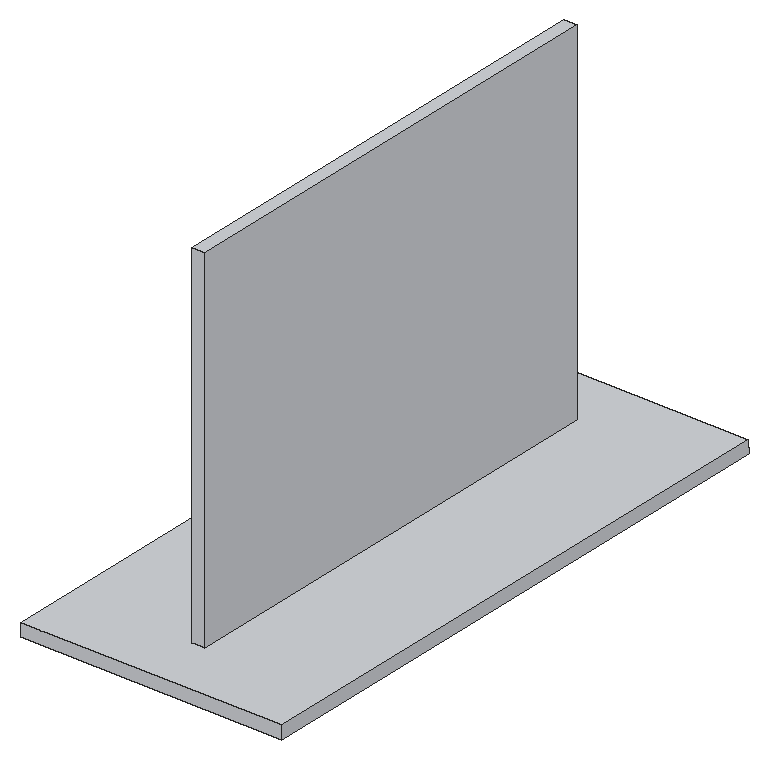
Revit family "060523 - W_P_C - Fastenings - Concealed Joist Ties", category Generic Models, Revit 2018
Family settings
  Can host rebar = No
  Round Connector Dimension = Use Diameter
  Part Type = Normal
  Work Plane-Based = Yes
  Always vertical = No
  Cut with Voids When Loaded = No
  Shared = No
  Room Calculation Point = No
Parameters
  OFFSET FROM SURFACE = 0' - 3"
  Material = none
  H2 = 0' - 4 7/16"
  H1 = 0' - 5 9/16"
  GAUGE = 0' - 0 1/8"
  Default Elevation = 4' - 0"
Reference planes (in)
  plane 1 "Center (Front/Back)": y = 0
  plane 2: z = 0
  plane 3 "Center (Left/Right)": x = 0
  plane 4: x = -1.25
  plane 5: x = 1.25
  plane 6: y = 2.78125
  plane 7: y = -2.78125
  plane 8: x = -0.0625
  plane 9: x = 0.0625
  plane 10: y = 2.21875
  plane 11: y = -2.21875
  plane 12: z = 0.125
  plane 13: z = 3.5
Forms (in)
  Extrusion 1, solid, material <- "Material"
    sketch origin (0, 0, 0) x (1, 0, 0) y (0, 1, 0)
      loop
        line (-1.25, 2.78125) -> (-1.25, -2.78125) -> (1.25, -2.78125) -> (1.25, 2.78125) -> (-1.25, 2.78125)
    from 0 to 0.125
  Extrusion 2, solid, material <- "Material"
    sketch origin (0, 0, 0) x (0, 1, 0) y (0, 0, 1)
      loop
        line (2.21875, 3.5) -> (-2.21875, 3.5) -> (-2.21875, 0.125) -> (2.21875, 0.125) -> (2.21875, 3.5)
    from -0.0625 to 0.0625
Dimensions and locks (in)
  equal spacing: plane 4, plane 3 "Center (Left/Right)", plane 5
  plane 4 to plane 5 = 0' - 2 1/2"
  plane 3 "Center (Left/Right)" to plane 5 = 0' - 1 1/4"
  equal spacing: plane 7, plane 1 "Center (Front/Back)", plane 6
  "H1": plane 6 to plane 7
  equal spacing: plane 8, plane 3 "Center (Left/Right)", plane 9
  "GAUGE": plane 8 to plane 9
  equal spacing: plane 10, plane 1 "Center (Front/Back)", plane 11
  "H2": plane 10 to plane 11
  "GAUGE": plane 12 to level
  plane 13 to level = 0' - 3 1/2"
  aligned and locked: plane 2 to level
  aligned and locked: Extrusion 1 sketch curve to plane 6
  aligned and locked: Extrusion 1 sketch curve to plane 5
  aligned and locked: Extrusion 1 sketch curve to plane 4
  aligned and locked: plane 12 to Extrusion 1
  aligned and locked: plane 12 to Extrusion 2 sketch curve
  aligned and locked: plane 11 to Extrusion 2 sketch curve
  aligned and locked: Extrusion 2 sketch curve to plane 10
  aligned and locked: plane 13 to Extrusion 2
  aligned and locked: Extrusion 2 to plane 8
  aligned and locked: plane 9 to Extrusion 2
Automatic sketch dimensions
  Extrusion 1 sketch curve to plane 7 = 0' - 0"
  Extrusion 2 sketch curve to Extrusion 2 sketch curve = 0' - 3 3/8"
